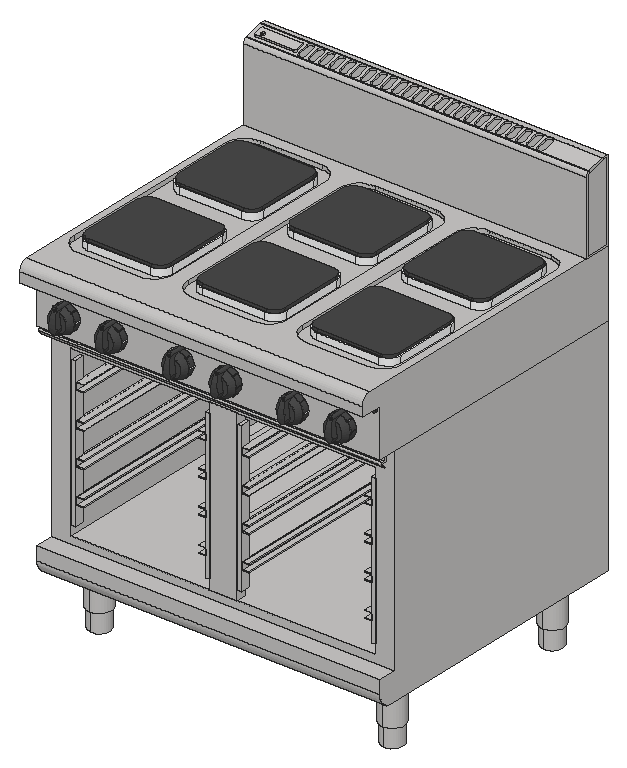
Revit family "QF_Moffat_RN8600SE-CB_Electric_Cooktops_Sealed_Hobs_cat", category Specialty Equipment, Revit 2019 (continued)
Definition of nested family "High and Low Option"
  Forms (mm)
    Extrusion 3, solid, visible <- "High Back"
      sketch origin (0, 0, 0) x (0, 1, 0) y (0, 0, 1)
        loop
          line (-3.2, 1126.8) -> (-14.143, 1126.8) -> (-60.278, 1114.438)
          arc (-60.278, 1114.438) -> (-64.982, 1111.295) -> (-66.8, 1105.938) r 8.8
          line (-66.8, 1105.938) -> (-66.8, 918.2) -> (-3.2, 918.2) -> (-3.2, 1126.8)
      from 0 to 3.2
    Extrusion 4, solid, visible <- "High Back"
      sketch origin (900, 0, 0) x (0, 1, 0) y (0, 0, -1)
        loop
          line (-3.2, -1126.8) -> (-3.2, -918.2) -> (-66.8, -918.2) -> (-66.8, -1105.938)
          arc (-66.8, -1105.938) -> (-64.982, -1111.295) -> (-60.278, -1114.438) r 8.8
          line (-60.278, -1114.438) -> (-14.143, -1126.8) -> (-3.2, -1126.8)
      from 0 to 3.2
    Extrusion 5, solid, visible <- "High Back"
      sketch origin (0, -15, 1130) x (0, -0.965926, -0.258819) y (1, 0, 0)
        loop
          line (47.732, 900) -> (0, 900) -> (0, 0) -> (47.732, 0) -> (47.732, 900)
        loop
          arc (11.379, 149.307) -> (1.379, 139.307) -> (11.379, 129.307) r 10
          line (11.379, 129.307) -> (36.495, 129.307)
          arc (36.495, 129.307) -> (46.495, 139.307) -> (36.495, 149.307) r 10
          line (36.495, 149.307) -> (11.379, 149.307)
        loop
          arc (11.379, 176.588) -> (1.379, 166.588) -> (11.379, 156.588) r 10
          line (11.379, 156.588) -> (36.495, 156.588)
          arc (36.495, 156.588) -> (46.495, 166.588) -> (36.495, 176.588) r 10
          line (36.495, 176.588) -> (11.379, 176.588)
        loop
          arc (11.379, 203.868) -> (1.379, 193.868) -> (11.379, 183.868) r 10
          line (11.379, 183.868) -> (36.495, 183.868)
          arc (36.495, 183.868) -> (46.495, 193.868) -> (36.495, 203.868) r 10
          line (36.495, 203.868) -> (11.379, 203.868)
        loop
          arc (11.379, 231.148) -> (1.379, 221.148) -> (11.379, 211.148) r 10
          line (11.379, 211.148) -> (36.495, 211.148)
          arc (36.495, 211.148) -> (46.495, 221.148) -> (36.495, 231.148) r 10
          line (36.495, 231.148) -> (11.379, 231.148)
        loop
          arc (11.379, 258.428) -> (1.379, 248.428) -> (11.379, 238.428) r 10
          line (11.379, 238.428) -> (36.495, 238.428)
          arc (36.495, 238.428) -> (46.495, 248.428) -> (36.495, 258.428) r 10
          line (36.495, 258.428) -> (11.379, 258.428)
        loop
          arc (11.379, 285.709) -> (1.379, 275.709) -> (11.379, 265.709) r 10
          line (11.379, 265.709) -> (36.495, 265.709)
          arc (36.495, 265.709) -> (46.495, 275.709) -> (36.495, 285.709) r 10
          line (36.495, 285.709) -> (11.379, 285.709)
        loop
          arc (11.379, 312.989) -> (1.379, 302.989) -> (11.379, 292.989) r 10
          line (11.379, 292.989) -> (36.495, 292.989)
          arc (36.495, 292.989) -> (46.495, 302.989) -> (36.495, 312.989) r 10
          line (36.495, 312.989) -> (11.379, 312.989)
        loop
          arc (11.379, 340.269) -> (1.379, 330.269) -> (11.379, 320.269) r 10
          line (11.379, 320.269) -> (36.495, 320.269)
          arc (36.495, 320.269) -> (46.495, 330.269) -> (36.495, 340.269) r 10
          line (36.495, 340.269) -> (11.379, 340.269)
        loop
          arc (11.379, 367.549) -> (1.379, 357.549) -> (11.379, 347.549) r 10
          line (11.379, 347.549) -> (36.495, 347.549)
          arc (36.495, 347.549) -> (46.495, 357.549) -> (36.495, 367.549) r 10
          line (36.495, 367.549) -> (11.379, 367.549)
        loop
          arc (11.379, 394.829) -> (1.379, 384.829) -> (11.379, 374.829) r 10
          line (11.379, 374.829) -> (36.495, 374.829)
          arc (36.495, 374.829) -> (46.495, 384.829) -> (36.495, 394.829) r 10
          line (36.495, 394.829) -> (11.379, 394.829)
        loop
          arc (11.379, 422.11) -> (1.379, 412.11) -> (11.379, 402.11) r 10
          line (11.379, 402.11) -> (36.495, 402.11)
          arc (36.495, 402.11) -> (46.495, 412.11) -> (36.495, 422.11) r 10
          line (36.495, 422.11) -> (11.379, 422.11)
        loop
          arc (11.379, 449.39) -> (1.379, 439.39) -> (11.379, 429.39) r 10
          line (11.379, 429.39) -> (36.495, 429.39)
          arc (36.495, 429.39) -> (46.495, 439.39) -> (36.495, 449.39) r 10
          line (36.495, 449.39) -> (11.379, 449.39)
        loop
          arc (11.379, 476.67) -> (1.379, 466.67) -> (11.379, 456.67) r 10
          line (11.379, 456.67) -> (36.495, 456.67)
          arc (36.495, 456.67) -> (46.495, 466.67) -> (36.495, 476.67) r 10
          line (36.495, 476.67) -> (11.379, 476.67)
        loop
          arc (11.379, 503.95) -> (1.379, 493.95) -> (11.379, 483.95) r 10
          line (11.379, 483.95) -> (36.495, 483.95)
          arc (36.495, 483.95) -> (46.495, 493.95) -> (36.495, 503.95) r 10
          line (36.495, 503.95) -> (11.379, 503.95)
        loop
          arc (11.379, 531.23) -> (1.379, 521.23) -> (11.379, 511.23) r 10
          line (11.379, 511.23) -> (36.495, 511.23)
          arc (36.495, 511.23) -> (46.495, 521.23) -> (36.495, 531.23) r 10
          line (36.495, 531.23) -> (11.379, 531.23)
        loop
          arc (11.379, 558.511) -> (1.379, 548.511) -> (11.379, 538.511) r 10
          line (11.379, 538.511) -> (36.495, 538.511)
          arc (36.495, 538.511) -> (46.495, 548.511) -> (36.495, 558.511) r 10
          line (36.495, 558.511) -> (11.379, 558.511)
        loop
          arc (11.379, 585.791) -> (1.379, 575.791) -> (11.379, 565.791) r 10
          line (11.379, 565.791) -> (36.495, 565.791)
          arc (36.495, 565.791) -> (46.495, 575.791) -> (36.495, 585.791) r 10
          line (36.495, 585.791) -> (11.379, 585.791)
        loop
          arc (11.379, 613.071) -> (1.379, 603.071) -> (11.379, 593.071) r 10
          line (11.379, 593.071) -> (36.495, 593.071)
          arc (36.495, 593.071) -> (46.495, 603.071) -> (36.495, 613.071) r 10
          line (36.495, 613.071) -> (11.379, 613.071)
        loop
          arc (11.379, 640.351) -> (1.379, 630.351) -> (11.379, 620.351) r 10
          line (11.379, 620.351) -> (36.495, 620.351)
          arc (36.495, 620.351) -> (46.495, 630.351) -> (36.495, 640.351) r 10
          line (36.495, 640.351) -> (11.379, 640.351)
        loop
          arc (11.379, 667.632) -> (1.379, 657.632) -> (11.379, 647.632) r 10
          line (11.379, 647.632) -> (36.495, 647.632)
          arc (36.495, 647.632) -> (46.495, 657.632) -> (36.495, 667.632) r 10
          line (36.495, 667.632) -> (11.379, 667.632)
        loop
          arc (11.379, 694.912) -> (1.379, 684.912) -> (11.379, 674.912) r 10
          line (11.379, 674.912) -> (36.495, 674.912)
          arc (36.495, 674.912) -> (46.495, 684.912) -> (36.495, 694.912) r 10
          line (36.495, 694.912) -> (11.379, 694.912)
        loop
          arc (11.379, 722.192) -> (1.379, 712.192) -> (11.379, 702.192) r 10
          line (11.379, 702.192) -> (36.495, 702.192)
          arc (36.495, 702.192) -> (46.495, 712.192) -> (36.495, 722.192) r 10
          line (36.495, 722.192) -> (11.379, 722.192)
        loop
          arc (11.379, 749.472) -> (1.379, 739.472) -> (11.379, 729.472) r 10
          line (11.379, 729.472) -> (36.495, 729.472)
          arc (36.495, 729.472) -> (46.495, 739.472) -> (36.495, 749.472) r 10
          line (36.495, 749.472) -> (11.379, 749.472)
        loop
          arc (11.379, 776.752) -> (1.379, 766.752) -> (11.379, 756.752) r 10
          line (11.379, 756.752) -> (36.495, 756.752)
          arc (36.495, 756.752) -> (46.495, 766.752) -> (36.495, 776.752) r 10
          line (36.495, 776.752) -> (11.379, 776.752)
      from 0 to -3.313
    Extrusion 6, solid, visible <- "Low Back", not visible
      sketch origin (0, 0, 600) x (0, 1, 0) y (0, 0, 1)
        loop
          line (-70, 315) -> (0, 315) -> (0, 370) -> (-55, 370) -> (-70, 355) -> (-70, 315)
      from 0 to 900
    Extrusion 7, solid, visible <- "High Back", not visible
      sketch origin (0, 0, 0) x (0, 1, 0) y (0, 0, 1)
        loop
          line (-70, 915) -> (0, 915) -> (0, 1130) -> (-15, 1130) -> (-14.143, 1126.8) -> (-3.2, 1126.8) -> (-3.2, 918.2) -> (-66.8, 918.2) -> (-66.8, 1105.938)
          arc (-66.8, 1105.938) -> (-64.972, 1111.307) -> (-60.248, 1114.446) r 8.8
          line (-60.248, 1114.446) -> (-61.106, 1117.646)
          arc (-61.106, 1117.646) -> (-67.52, 1113.36) -> (-70, 1106.055) r 12
          line (-70, 1106.055) -> (-70, 915)
      from 0 to 900
    Extrusion 8, solid, visible <- "High Back", not visible
      sketch origin (0, 0, 0) x (0, 1, 0) y (0, 0, 1)
        loop
          line (-3.2, 1126.8) -> (-14.143, 1126.8) -> (-60.278, 1114.438)
          arc (-60.278, 1114.438) -> (-64.982, 1111.295) -> (-66.8, 1105.938) r 8.8
          line (-66.8, 1105.938) -> (-66.8, 918.2) -> (-3.2, 918.2) -> (-3.2, 1126.8)
      from 0 to 3.2
    Extrusion 9, solid, visible <- "High Back", not visible
      sketch origin (900, 0, 0) x (0, 1, 0) y (0, 0, -1)
        loop
          line (-3.2, -1126.8) -> (-3.2, -918.2) -> (-66.8, -918.2) -> (-66.8, -1105.938)
          arc (-66.8, -1105.938) -> (-64.982, -1111.295) -> (-60.278, -1114.438) r 8.8
          line (-60.278, -1114.438) -> (-14.143, -1126.8) -> (-3.2, -1126.8)
      from 0 to 3.2
    Extrusion 10, solid, visible <- "High Back", not visible
      sketch origin (0, -15, 1130) x (0, -0.965926, -0.258819) y (1, 0, 0)
        loop
          line (47.732, 900) -> (0, 900) -> (0, 0) -> (47.732, 0) -> (47.732, 900)
        loop
          arc (11.379, 149.307) -> (1.379, 139.307) -> (11.379, 129.307) r 10
          line (11.379, 129.307) -> (36.495, 129.307)
          arc (36.495, 129.307) -> (46.495, 139.307) -> (36.495, 149.307) r 10
          line (36.495, 149.307) -> (11.379, 149.307)
        loop
          arc (11.379, 176.588) -> (1.379, 166.588) -> (11.379, 156.588) r 10
          line (11.379, 156.588) -> (36.495, 156.588)
          arc (36.495, 156.588) -> (46.495, 166.588) -> (36.495, 176.588) r 10
          line (36.495, 176.588) -> (11.379, 176.588)
        loop
          arc (11.379, 203.868) -> (1.379, 193.868) -> (11.379, 183.868) r 10
          line (11.379, 183.868) -> (36.495, 183.868)
          arc (36.495, 183.868) -> (46.495, 193.868) -> (36.495, 203.868) r 10
          line (36.495, 203.868) -> (11.379, 203.868)
        loop
          arc (11.379, 231.148) -> (1.379, 221.148) -> (11.379, 211.148) r 10
          line (11.379, 211.148) -> (36.495, 211.148)
          arc (36.495, 211.148) -> (46.495, 221.148) -> (36.495, 231.148) r 10
          line (36.495, 231.148) -> (11.379, 231.148)
        loop
          arc (11.379, 258.428) -> (1.379, 248.428) -> (11.379, 238.428) r 10
          line (11.379, 238.428) -> (36.495, 238.428)
          arc (36.495, 238.428) -> (46.495, 248.428) -> (36.495, 258.428) r 10
          line (36.495, 258.428) -> (11.379, 258.428)
        loop
          arc (11.379, 285.709) -> (1.379, 275.709) -> (11.379, 265.709) r 10
          line (11.379, 265.709) -> (36.495, 265.709)
          arc (36.495, 265.709) -> (46.495, 275.709) -> (36.495, 285.709) r 10
          line (36.495, 285.709) -> (11.379, 285.709)
        loop
          arc (11.379, 312.989) -> (1.379, 302.989) -> (11.379, 292.989) r 10
          line (11.379, 292.989) -> (36.495, 292.989)
          arc (36.495, 292.989) -> (46.495, 302.989) -> (36.495, 312.989) r 10
          line (36.495, 312.989) -> (11.379, 312.989)
        loop
          arc (11.379, 340.269) -> (1.379, 330.269) -> (11.379, 320.269) r 10
          line (11.379, 320.269) -> (36.495, 320.269)
          arc (36.495, 320.269) -> (46.495, 330.269) -> (36.495, 340.269) r 10
          line (36.495, 340.269) -> (11.379, 340.269)
        loop
          arc (11.379, 367.549) -> (1.379, 357.549) -> (11.379, 347.549) r 10
          line (11.379, 347.549) -> (36.495, 347.549)
          arc (36.495, 347.549) -> (46.495, 357.549) -> (36.495, 367.549) r 10
          line (36.495, 367.549) -> (11.379, 367.549)
        loop
          arc (11.379, 394.829) -> (1.379, 384.829) -> (11.379, 374.829) r 10
          line (11.379, 374.829) -> (36.495, 374.829)
          arc (36.495, 374.829) -> (46.495, 384.829) -> (36.495, 394.829) r 10
          line (36.495, 394.829) -> (11.379, 394.829)
        loop
          arc (11.379, 422.11) -> (1.379, 412.11) -> (11.379, 402.11) r 10
          line (11.379, 402.11) -> (36.495, 402.11)
          arc (36.495, 402.11) -> (46.495, 412.11) -> (36.495, 422.11) r 10
          line (36.495, 422.11) -> (11.379, 422.11)
        loop
          arc (11.379, 449.39) -> (1.379, 439.39) -> (11.379, 429.39) r 10
          line (11.379, 429.39) -> (36.495, 429.39)
          arc (36.495, 429.39) -> (46.495, 439.39) -> (36.495, 449.39) r 10
          line (36.495, 449.39) -> (11.379, 449.39)
        loop
          arc (11.379, 476.67) -> (1.379, 466.67) -> (11.379, 456.67) r 10
          line (11.379, 456.67) -> (36.495, 456.67)
          arc (36.495, 456.67) -> (46.495, 466.67) -> (36.495, 476.67) r 10
          line (36.495, 476.67) -> (11.379, 476.67)
        loop
          arc (11.379, 503.95) -> (1.379, 493.95) -> (11.379, 483.95) r 10
          line (11.379, 483.95) -> (36.495, 483.95)
          arc (36.495, 483.95) -> (46.495, 493.95) -> (36.495, 503.95) r 10
          line (36.495, 503.95) -> (11.379, 503.95)
        loop
          arc (11.379, 531.23) -> (1.379, 521.23) -> (11.379, 511.23) r 10
          line (11.379, 511.23) -> (36.495, 511.23)
          arc (36.495, 511.23) -> (46.495, 521.23) -> (36.495, 531.23) r 10
          line (36.495, 531.23) -> (11.379, 531.23)
        loop
          arc (11.379, 558.511) -> (1.379, 548.511) -> (11.379, 538.511) r 10
          line (11.379, 538.511) -> (36.495, 538.511)
          arc (36.495, 538.511) -> (46.495, 548.511) -> (36.495, 558.511) r 10
          line (36.495, 558.511) -> (11.379, 558.511)
        loop
          arc (11.379, 585.791) -> (1.379, 575.791) -> (11.379, 565.791) r 10
          line (11.379, 565.791) -> (36.495, 565.791)
          arc (36.495, 565.791) -> (46.495, 575.791) -> (36.495, 585.791) r 10
          line (36.495, 585.791) -> (11.379, 585.791)
        loop
          arc (11.379, 613.071) -> (1.379, 603.071) -> (11.379, 593.071) r 10
          line (11.379, 593.071) -> (36.495, 593.071)
          arc (36.495, 593.071) -> (46.495, 603.071) -> (36.495, 613.071) r 10
          line (36.495, 613.071) -> (11.379, 613.071)
        loop
          arc (11.379, 640.351) -> (1.379, 630.351) -> (11.379, 620.351) r 10
          line (11.379, 620.351) -> (36.495, 620.351)
          arc (36.495, 620.351) -> (46.495, 630.351) -> (36.495, 640.351) r 10
          line (36.495, 640.351) -> (11.379, 640.351)
        loop
          arc (11.379, 667.632) -> (1.379, 657.632) -> (11.379, 647.632) r 10
          line (11.379, 647.632) -> (36.495, 647.632)
          arc (36.495, 647.632) -> (46.495, 657.632) -> (36.495, 667.632) r 10
          line (36.495, 667.632) -> (11.379, 667.632)
        loop
          arc (11.379, 694.912) -> (1.379, 684.912) -> (11.379, 674.912) r 10
          line (11.379, 674.912) -> (36.495, 674.912)
          arc (36.495, 674.912) -> (46.495, 684.912) -> (36.495, 694.912) r 10
          line (36.495, 694.912) -> (11.379, 694.912)
        loop
          arc (11.379, 722.192) -> (1.379, 712.192) -> (11.379, 702.192) r 10
          line (11.379, 702.192) -> (36.495, 702.192)
          arc (36.495, 702.192) -> (46.495, 712.192) -> (36.495, 722.192) r 10
          line (36.495, 722.192) -> (11.379, 722.192)
        loop
          arc (11.379, 749.472) -> (1.379, 739.472) -> (11.379, 729.472) r 10
          line (11.379, 729.472) -> (36.495, 729.472)
          arc (36.495, 729.472) -> (46.495, 739.472) -> (36.495, 749.472) r 10
          line (36.495, 749.472) -> (11.379, 749.472)
        loop
          arc (11.379, 776.752) -> (1.379, 766.752) -> (11.379, 756.752) r 10
          line (11.379, 756.752) -> (36.495, 756.752)
          arc (36.495, 756.752) -> (46.495, 766.752) -> (36.495, 776.752) r 10
          line (36.495, 776.752) -> (11.379, 776.752)
      from 0 to -3.313
  Lines and regions (mm)
    symbolic lines
      curve 1: line (0, -71.587, 946.25) -> (0, -71.587, 923.25)
      curve 2: line (0, 0, 0) -> (900, 0, 0)
      curve 3: line (0, -70, 0) -> (0, 0, 0)
      curve 4: line (900, -70, 0) -> (0, -70, 0)
      curve 5: line (900, 0, 0) -> (900, -70, 0)
      curve 202: line (0, 0, 0) -> (900, 0, 0)
      curve 203: line (0, -70, 0) -> (0, 0, 0)
      curve 204: line (900, -70, 0) -> (0, -70, 0)
      curve 205: line (900, 0, 0) -> (900, -70, 0)
    symbolic lines, visible <- "High Back"
      curve 6: line (129.307, -50.251, 0) -> (129.307, -25.991, 0)
      curve 7: spline (129.307, -25.991, 0) -> (129.648, -23.491, 0) -> (130.647, -21.162, 0) -> (132.236, -19.161, 0) -> (134.307, -17.626, 0) -> (136.719, -16.661, 0) -> (139.307, -16.332, 0) -> (141.896, -16.661, 0) -> (144.307, -17.626, 0) -> (146.379, -19.161, 0) -> (147.968, -21.162, 0) -> (148.967, -23.491, 0) -> (149.307, -25.991, 0)
      curve 8: line (149.307, -25.991, 0) -> (149.307, -50.251, 0)
      curve 9: spline (149.307, -50.251, 0) -> (148.967, -52.751, 0) -> (147.968, -55.081, 0) -> (146.379, -57.081, 0) -> (144.307, -58.616, 0) -> (141.896, -59.581, 0) -> (139.307, -59.91, 0) -> (136.719, -59.581, 0) -> (134.307, -58.616, 0) -> (132.236, -57.081, 0) -> (130.647, -55.081, 0) -> (129.648, -52.751, 0) -> (129.307, -50.251, 0)
      curve 10: line (156.588, -50.251, 0) -> (156.588, -25.991, 0)
      curve 11: spline (156.588, -25.991, 0) -> (156.928, -23.491, 0) -> (157.927, -21.162, 0) -> (159.517, -19.161, 0) -> (161.588, -17.626, 0) -> (164, -16.661, 0) -> (166.588, -16.332, 0) -> (169.176, -16.661, 0) -> (171.588, -17.626, 0) -> (173.659, -19.161, 0) -> (175.248, -21.162, 0) -> (176.247, -23.491, 0) -> (176.588, -25.991, 0)
      curve 12: line (176.588, -25.991, 0) -> (176.588, -50.251, 0)
      curve 13: spline (176.588, -50.251, 0) -> (176.247, -52.751, 0) -> (175.248, -55.081, 0) -> (173.659, -57.081, 0) -> (171.588, -58.616, 0) -> (169.176, -59.581, 0) -> (166.588, -59.91, 0) -> (164, -59.581, 0) -> (161.588, -58.616, 0) -> (159.517, -57.081, 0) -> (157.927, -55.081, 0) -> (156.928, -52.751, 0) -> (156.588, -50.251, 0)
      curve 14: line (183.868, -50.251, 0) -> (183.868, -25.991, 0)
      curve 15: spline (183.868, -25.991, 0) -> (184.209, -23.491, 0) -> (185.208, -21.162, 0) -> (186.797, -19.161, 0) -> (188.868, -17.626, 0) -> (191.28, -16.661, 0) -> (193.868, -16.332, 0) -> (196.456, -16.661, 0) -> (198.868, -17.626, 0) -> (200.939, -19.161, 0) -> (202.528, -21.162, 0) -> (203.527, -23.491, 0) -> (203.868, -25.991, 0)
      curve 16: line (203.868, -25.991, 0) -> (203.868, -50.251, 0)
      curve 17: spline (203.868, -50.251, 0) -> (203.527, -52.751, 0) -> (202.528, -55.081, 0) -> (200.939, -57.081, 0) -> (198.868, -58.616, 0) -> (196.456, -59.581, 0) -> (193.868, -59.91, 0) -> (191.28, -59.581, 0) -> (188.868, -58.616, 0) -> (186.797, -57.081, 0) -> (185.208, -55.081, 0) -> (184.209, -52.751, 0) -> (183.868, -50.251, 0)
      curve 18: line (211.148, -50.251, 0) -> (211.148, -25.991, 0)
      curve 19: spline (211.148, -25.991, 0) -> (211.489, -23.491, 0) -> (212.488, -21.162, 0) -> (214.077, -19.161, 0) -> (216.148, -17.626, 0) -> (218.56, -16.661, 0) -> (221.148, -16.332, 0) -> (223.736, -16.661, 0) -> (226.148, -17.626, 0) -> (228.219, -19.161, 0) -> (229.808, -21.162, 0) -> (230.807, -23.491, 0) -> (231.148, -25.991, 0)
      curve 20: line (231.148, -25.991, 0) -> (231.148, -50.251, 0)
      curve 21: spline (231.148, -50.251, 0) -> (230.807, -52.751, 0) -> (229.808, -55.081, 0) -> (228.219, -57.081, 0) -> (226.148, -58.616, 0) -> (223.736, -59.581, 0) -> (221.148, -59.91, 0) -> (218.56, -59.581, 0) -> (216.148, -58.616, 0) -> (214.077, -57.081, 0) -> (212.488, -55.081, 0) -> (211.489, -52.751, 0) -> (211.148, -50.251, 0)
      curve 22: line (238.428, -50.251, 0) -> (238.428, -25.991, 0)
      curve 23: spline (238.428, -25.991, 0) -> (238.769, -23.491, 0) -> (239.768, -21.162, 0) -> (241.357, -19.161, 0) -> (243.428, -17.626, 0) -> (245.84, -16.661, 0) -> (248.428, -16.332, 0) -> (251.017, -16.661, 0) -> (253.428, -17.626, 0) -> (255.499, -19.161, 0) -> (257.089, -21.162, 0) -> (258.088, -23.491, 0) -> (258.428, -25.991, 0)
      curve 24: line (258.428, -25.991, 0) -> (258.428, -50.251, 0)
      curve 25: spline (258.428, -50.251, 0) -> (258.088, -52.751, 0) -> (257.089, -55.081, 0) -> (255.499, -57.081, 0) -> (253.428, -58.616, 0) -> (251.017, -59.581, 0) -> (248.428, -59.91, 0) -> (245.84, -59.581, 0) -> (243.428, -58.616, 0) -> (241.357, -57.081, 0) -> (239.768, -55.081, 0) -> (238.769, -52.751, 0) -> (238.428, -50.251, 0)
      curve 26: line (265.709, -50.251, 0) -> (265.709, -25.991, 0)
      curve 27: spline (265.709, -25.991, 0) -> (266.049, -23.491, 0) -> (267.048, -21.162, 0) -> (268.637, -19.161, 0) -> (270.709, -17.626, 0) -> (273.12, -16.661, 0) -> (275.709, -16.332, 0) -> (278.297, -16.661, 0) -> (280.709, -17.626, 0) -> (282.78, -19.161, 0) -> (284.369, -21.162, 0) -> (285.368, -23.491, 0) -> (285.709, -25.991, 0)
      curve 28: line (285.709, -25.991, 0) -> (285.709, -50.251, 0)
      curve 29: spline (285.709, -50.251, 0) -> (285.368, -52.751, 0) -> (284.369, -55.081, 0) -> (282.78, -57.081, 0) -> (280.709, -58.616, 0) -> (278.297, -59.581, 0) -> (275.709, -59.91, 0) -> (273.12, -59.581, 0) -> (270.709, -58.616, 0) -> (268.637, -57.081, 0) -> (267.048, -55.081, 0) -> (266.049, -52.751, 0) -> (265.709, -50.251, 0)
      curve 30: line (292.989, -50.251, 0) -> (292.989, -25.991, 0)
      curve 31: spline (292.989, -25.991, 0) -> (293.329, -23.491, 0) -> (294.329, -21.162, 0) -> (295.918, -19.161, 0) -> (297.989, -17.626, 0) -> (300.401, -16.661, 0) -> (302.989, -16.332, 0) -> (305.577, -16.661, 0) -> (307.989, -17.626, 0) -> (310.06, -19.161, 0) -> (311.649, -21.162, 0) -> (312.648, -23.491, 0) -> (312.989, -25.991, 0)
      curve 32: line (312.989, -25.991, 0) -> (312.989, -50.251, 0)
      curve 33: spline (312.989, -50.251, 0) -> (312.648, -52.751, 0) -> (311.649, -55.081, 0) -> (310.06, -57.081, 0) -> (307.989, -58.616, 0) -> (305.577, -59.581, 0) -> (302.989, -59.91, 0) -> (300.401, -59.581, 0) -> (297.989, -58.616, 0) -> (295.918, -57.081, 0) -> (294.329, -55.081, 0) -> (293.329, -52.751, 0) -> (292.989, -50.251, 0)
      curve 34: line (320.269, -50.251, 0) -> (320.269, -25.991, 0)
      curve 35: spline (320.269, -25.991, 0) -> (320.61, -23.491, 0) -> (321.609, -21.162, 0) -> (323.198, -19.161, 0) -> (325.269, -17.626, 0) -> (327.681, -16.661, 0) -> (330.269, -16.332, 0) -> (332.857, -16.661, 0) -> (335.269, -17.626, 0) -> (337.34, -19.161, 0) -> (338.929, -21.162, 0) -> (339.928, -23.491, 0) -> (340.269, -25.991, 0)
      curve 36: line (340.269, -25.991, 0) -> (340.269, -50.251, 0)
      curve 37: spline (340.269, -50.251, 0) -> (339.928, -52.751, 0) -> (338.929, -55.081, 0) -> (337.34, -57.081, 0) -> (335.269, -58.616, 0) -> (332.857, -59.581, 0) -> (330.269, -59.91, 0) -> (327.681, -59.581, 0) -> (325.269, -58.616, 0) -> (323.198, -57.081, 0) -> (321.609, -55.081, 0) -> (320.61, -52.751, 0) -> (320.269, -50.251, 0)
      curve 38: line (347.549, -50.251, 0) -> (347.549, -25.991, 0)
      curve 39: spline (347.549, -25.991, 0) -> (347.89, -23.491, 0) -> (348.889, -21.162, 0) -> (350.478, -19.161, 0) -> (352.549, -17.626, 0) -> (354.961, -16.661, 0) -> (357.549, -16.332, 0) -> (360.137, -16.661, 0) -> (362.549, -17.626, 0) -> (364.62, -19.161, 0) -> (366.209, -21.162, 0) -> (367.208, -23.491, 0) -> (367.549, -25.991, 0)
      curve 40: line (367.549, -25.991, 0) -> (367.549, -50.251, 0)
      curve 41: spline (367.549, -50.251, 0) -> (367.208, -52.751, 0) -> (366.209, -55.081, 0) -> (364.62, -57.081, 0) -> (362.549, -58.616, 0) -> (360.137, -59.581, 0) -> (357.549, -59.91, 0) -> (354.961, -59.581, 0) -> (352.549, -58.616, 0) -> (350.478, -57.081, 0) -> (348.889, -55.081, 0) -> (347.89, -52.751, 0) -> (347.549, -50.251, 0)
      curve 42: line (374.829, -50.251, 0) -> (374.829, -25.991, 0)
      curve 43: spline (374.829, -25.991, 0) -> (375.17, -23.491, 0) -> (376.169, -21.162, 0) -> (377.758, -19.161, 0) -> (379.829, -17.626, 0) -> (382.241, -16.661, 0) -> (384.829, -16.332, 0) -> (387.418, -16.661, 0) -> (389.829, -17.626, 0) -> (391.9, -19.161, 0) -> (393.49, -21.162, 0) -> (394.489, -23.491, 0) -> (394.829, -25.991, 0)
      curve 44: line (394.829, -25.991, 0) -> (394.829, -50.251, 0)
      curve 45: spline (394.829, -50.251, 0) -> (394.489, -52.751, 0) -> (393.49, -55.081, 0) -> (391.9, -57.081, 0) -> (389.829, -58.616, 0) -> (387.418, -59.581, 0) -> (384.829, -59.91, 0) -> (382.241, -59.581, 0) -> (379.829, -58.616, 0) -> (377.758, -57.081, 0) -> (376.169, -55.081, 0) -> (375.17, -52.751, 0) -> (374.829, -50.251, 0)
      curve 46: line (402.11, -50.251, 0) -> (402.11, -25.991, 0)
      curve 47: spline (402.11, -25.991, 0) -> (402.45, -23.491, 0) -> (403.449, -21.162, 0) -> (405.039, -19.161, 0) -> (407.11, -17.626, 0) -> (409.521, -16.661, 0) -> (412.11, -16.332, 0) -> (414.698, -16.661, 0) -> (417.11, -17.626, 0) -> (419.181, -19.161, 0) -> (420.77, -21.162, 0) -> (421.769, -23.491, 0) -> (422.11, -25.991, 0)
      curve 48: line (422.11, -25.991, 0) -> (422.11, -50.251, 0)
      curve 49: spline (422.11, -50.251, 0) -> (421.769, -52.751, 0) -> (420.77, -55.081, 0) -> (419.181, -57.081, 0) -> (417.11, -58.616, 0) -> (414.698, -59.581, 0) -> (412.11, -59.91, 0) -> (409.521, -59.581, 0) -> (407.11, -58.616, 0) -> (405.039, -57.081, 0) -> (403.449, -55.081, 0) -> (402.45, -52.751, 0) -> (402.11, -50.251, 0)
      curve 50: line (429.39, -50.251, 0) -> (429.39, -25.991, 0)
      curve 51: spline (429.39, -25.991, 0) -> (429.731, -23.491, 0) -> (430.73, -21.162, 0) -> (432.319, -19.161, 0) -> (434.39, -17.626, 0) -> (436.802, -16.661, 0) -> (439.39, -16.332, 0) -> (441.978, -16.661, 0) -> (444.39, -17.626, 0) -> (446.461, -19.161, 0) -> (448.05, -21.162, 0) -> (449.049, -23.491, 0) -> (449.39, -25.991, 0)
      curve 52: line (449.39, -25.991, 0) -> (449.39, -50.251, 0)
      curve 53: spline (449.39, -50.251, 0) -> (449.049, -52.751, 0) -> (448.05, -55.081, 0) -> (446.461, -57.081, 0) -> (444.39, -58.616, 0) -> (441.978, -59.581, 0) -> (439.39, -59.91, 0) -> (436.802, -59.581, 0) -> (434.39, -58.616, 0) -> (432.319, -57.081, 0) -> (430.73, -55.081, 0) -> (429.731, -52.751, 0) -> (429.39, -50.251, 0)
      curve 54: line (456.67, -50.251, 0) -> (456.67, -25.991, 0)
      curve 55: spline (456.67, -25.991, 0) -> (457.011, -23.491, 0) -> (458.01, -21.162, 0) -> (459.599, -19.161, 0) -> (461.67, -17.626, 0) -> (464.082, -16.661, 0) -> (466.67, -16.332, 0) -> (469.258, -16.661, 0) -> (471.67, -17.626, 0) -> (473.741, -19.161, 0) -> (475.33, -21.162, 0) -> (476.329, -23.491, 0) -> (476.67, -25.991, 0)
      curve 56: line (476.67, -25.991, 0) -> (476.67, -50.251, 0)
      curve 57: spline (476.67, -50.251, 0) -> (476.329, -52.751, 0) -> (475.33, -55.081, 0) -> (473.741, -57.081, 0) -> (471.67, -58.616, 0) -> (469.258, -59.581, 0) -> (466.67, -59.91, 0) -> (464.082, -59.581, 0) -> (461.67, -58.616, 0) -> (459.599, -57.081, 0) -> (458.01, -55.081, 0) -> (457.011, -52.751, 0) -> (456.67, -50.251, 0)
      curve 58: line (483.95, -50.251, 0) -> (483.95, -25.991, 0)
      curve 59: spline (483.95, -25.991, 0) -> (484.291, -23.491, 0) -> (485.29, -21.162, 0) -> (486.879, -19.161, 0) -> (488.95, -17.626, 0) -> (491.362, -16.661, 0) -> (493.95, -16.332, 0) -> (496.538, -16.661, 0) -> (498.95, -17.626, 0) -> (501.021, -19.161, 0) -> (502.61, -21.162, 0) -> (503.609, -23.491, 0) -> (503.95, -25.991, 0)
      curve 60: line (503.95, -25.991, 0) -> (503.95, -50.251, 0)
      curve 61: spline (503.95, -50.251, 0) -> (503.609, -52.751, 0) -> (502.61, -55.081, 0) -> (501.021, -57.081, 0) -> (498.95, -58.616, 0) -> (496.538, -59.581, 0) -> (493.95, -59.91, 0) -> (491.362, -59.581, 0) -> (488.95, -58.616, 0) -> (486.879, -57.081, 0) -> (485.29, -55.081, 0) -> (484.291, -52.751, 0) -> (483.95, -50.251, 0)
      curve 62: line (511.23, -50.251, 0) -> (511.23, -25.991, 0)
      curve 63: spline (511.23, -25.991, 0) -> (511.571, -23.491, 0) -> (512.57, -21.162, 0) -> (514.159, -19.161, 0) -> (516.23, -17.626, 0) -> (518.642, -16.661, 0) -> (521.23, -16.332, 0) -> (523.819, -16.661, 0) -> (526.23, -17.626, 0) -> (528.302, -19.161, 0) -> (529.891, -21.162, 0) -> (530.89, -23.491, 0) -> (531.23, -25.991, 0)
      curve 64: line (531.23, -25.991, 0) -> (531.23, -50.251, 0)
      curve 65: spline (531.23, -50.251, 0) -> (530.89, -52.751, 0) -> (529.891, -55.081, 0) -> (528.302, -57.081, 0) -> (526.23, -58.616, 0) -> (523.819, -59.581, 0) -> (521.23, -59.91, 0) -> (518.642, -59.581, 0) -> (516.23, -58.616, 0) -> (514.159, -57.081, 0) -> (512.57, -55.081, 0) -> (511.571, -52.751, 0) -> (511.23, -50.251, 0)
      curve 66: line (538.511, -50.251, 0) -> (538.511, -25.991, 0)
      curve 67: spline (538.511, -25.991, 0) -> (538.851, -23.491, 0) -> (539.85, -21.162, 0) -> (541.44, -19.161, 0) -> (543.511, -17.626, 0) -> (545.922, -16.661, 0) -> (548.511, -16.332, 0) -> (551.099, -16.661, 0) -> (553.511, -17.626, 0) -> (555.582, -19.161, 0) -> (557.171, -21.162, 0) -> (558.17, -23.491, 0) -> (558.511, -25.991, 0)
      curve 68: line (558.511, -25.991, 0) -> (558.511, -50.251, 0)
      curve 69: spline (558.511, -50.251, 0) -> (558.17, -52.751, 0) -> (557.171, -55.081, 0) -> (555.582, -57.081, 0) -> (553.511, -58.616, 0) -> (551.099, -59.581, 0) -> (548.511, -59.91, 0) -> (545.922, -59.581, 0) -> (543.511, -58.616, 0) -> (541.44, -57.081, 0) -> (539.85, -55.081, 0) -> (538.851, -52.751, 0) -> (538.511, -50.251, 0)
      curve 70: line (565.791, -50.251, 0) -> (565.791, -25.991, 0)
      curve 71: spline (565.791, -25.991, 0) -> (566.132, -23.491, 0) -> (567.131, -21.162, 0) -> (568.72, -19.161, 0) -> (570.791, -17.626, 0) -> (573.203, -16.661, 0) -> (575.791, -16.332, 0) -> (578.379, -16.661, 0) -> (580.791, -17.626, 0) -> (582.862, -19.161, 0) -> (584.451, -21.162, 0) -> (585.45, -23.491, 0) -> (585.791, -25.991, 0)
      curve 72: line (585.791, -25.991, 0) -> (585.791, -50.251, 0)
      curve 73: spline (585.791, -50.251, 0) -> (585.45, -52.751, 0) -> (584.451, -55.081, 0) -> (582.862, -57.081, 0) -> (580.791, -58.616, 0) -> (578.379, -59.581, 0) -> (575.791, -59.91, 0) -> (573.203, -59.581, 0) -> (570.791, -58.616, 0) -> (568.72, -57.081, 0) -> (567.131, -55.081, 0) -> (566.132, -52.751, 0) -> (565.791, -50.251, 0)
      curve 74: line (593.071, -50.251, 0) -> (593.071, -25.991, 0)
      curve 75: spline (593.071, -25.991, 0) -> (593.412, -23.491, 0) -> (594.411, -21.162, 0) -> (596, -19.161, 0) -> (598.071, -17.626, 0) -> (600.483, -16.661, 0) -> (603.071, -16.332, 0) -> (605.659, -16.661, 0) -> (608.071, -17.626, 0) -> (610.142, -19.161, 0) -> (611.731, -21.162, 0) -> (612.73, -23.491, 0) -> (613.071, -25.991, 0)
      curve 76: line (613.071, -25.991, 0) -> (613.071, -50.251, 0)
      curve 77: spline (613.071, -50.251, 0) -> (612.73, -52.751, 0) -> (611.731, -55.081, 0) -> (610.142, -57.081, 0) -> (608.071, -58.616, 0) -> (605.659, -59.581, 0) -> (603.071, -59.91, 0) -> (600.483, -59.581, 0) -> (598.071, -58.616, 0) -> (596, -57.081, 0) -> (594.411, -55.081, 0) -> (593.412, -52.751, 0) -> (593.071, -50.251, 0)
      curve 78: line (620.351, -50.251, 0) -> (620.351, -25.991, 0)
      curve 79: spline (620.351, -25.991, 0) -> (620.692, -23.491, 0) -> (621.691, -21.162, 0) -> (623.28, -19.161, 0) -> (625.351, -17.626, 0) -> (627.763, -16.661, 0) -> (630.351, -16.332, 0) -> (632.939, -16.661, 0) -> (635.351, -17.626, 0) -> (637.422, -19.161, 0) -> (639.012, -21.162, 0) -> (640.011, -23.491, 0) -> (640.351, -25.991, 0)
      curve 80: line (640.351, -25.991, 0) -> (640.351, -50.251, 0)
      curve 81: spline (640.351, -50.251, 0) -> (640.011, -52.751, 0) -> (639.012, -55.081, 0) -> (637.422, -57.081, 0) -> (635.351, -58.616, 0) -> (632.939, -59.581, 0) -> (630.351, -59.91, 0) -> (627.763, -59.581, 0) -> (625.351, -58.616, 0) -> (623.28, -57.081, 0) -> (621.691, -55.081, 0) -> (620.692, -52.751, 0) -> (620.351, -50.251, 0)
      curve 82: line (647.632, -50.251, 0) -> (647.632, -25.991, 0)
      curve 83: spline (647.632, -25.991, 0) -> (647.972, -23.491, 0) -> (648.971, -21.162, 0) -> (650.56, -19.161, 0) -> (652.632, -17.626, 0) -> (655.043, -16.661, 0) -> (657.632, -16.332, 0) -> (660.22, -16.661, 0) -> (662.632, -17.626, 0) -> (664.703, -19.161, 0) -> (666.292, -21.162, 0) -> (667.291, -23.491, 0) -> (667.632, -25.991, 0)
      curve 84: line (667.632, -25.991, 0) -> (667.632, -50.251, 0)
      curve 85: spline (667.632, -50.251, 0) -> (667.291, -52.751, 0) -> (666.292, -55.081, 0) -> (664.703, -57.081, 0) -> (662.632, -58.616, 0) -> (660.22, -59.581, 0) -> (657.632, -59.91, 0) -> (655.043, -59.581, 0) -> (652.632, -58.616, 0) -> (650.56, -57.081, 0) -> (648.971, -55.081, 0) -> (647.972, -52.751, 0) -> (647.632, -50.251, 0)
      curve 86: line (674.912, -50.251, 0) -> (674.912, -25.991, 0)
      curve 87: spline (674.912, -25.991, 0) -> (675.252, -23.491, 0) -> (676.251, -21.162, 0) -> (677.841, -19.161, 0) -> (679.912, -17.626, 0) -> (682.324, -16.661, 0) -> (684.912, -16.332, 0) -> (687.5, -16.661, 0) -> (689.912, -17.626, 0) -> (691.983, -19.161, 0) -> (693.572, -21.162, 0) -> (694.571, -23.491, 0) -> (694.912, -25.991, 0)
      curve 88: line (694.912, -25.991, 0) -> (694.912, -50.251, 0)
      curve 89: spline (694.912, -50.251, 0) -> (694.571, -52.751, 0) -> (693.572, -55.081, 0) -> (691.983, -57.081, 0) -> (689.912, -58.616, 0) -> (687.5, -59.581, 0) -> (684.912, -59.91, 0) -> (682.324, -59.581, 0) -> (679.912, -58.616, 0) -> (677.841, -57.081, 0) -> (676.251, -55.081, 0) -> (675.252, -52.751, 0) -> (674.912, -50.251, 0)
      curve 90: line (702.192, -50.251, 0) -> (702.192, -25.991, 0)
      curve 91: spline (702.192, -25.991, 0) -> (702.533, -23.491, 0) -> (703.532, -21.162, 0) -> (705.121, -19.161, 0) -> (707.192, -17.626, 0) -> (709.604, -16.661, 0) -> (712.192, -16.332, 0) -> (714.78, -16.661, 0) -> (717.192, -17.626, 0) -> (719.263, -19.161, 0) -> (720.852, -21.162, 0) -> (721.851, -23.491, 0) -> (722.192, -25.991, 0)
      curve 92: line (722.192, -25.991, 0) -> (722.192, -50.251, 0)
      curve 93: spline (722.192, -50.251, 0) -> (721.851, -52.751, 0) -> (720.852, -55.081, 0) -> (719.263, -57.081, 0) -> (717.192, -58.616, 0) -> (714.78, -59.581, 0) -> (712.192, -59.91, 0) -> (709.604, -59.581, 0) -> (707.192, -58.616, 0) -> (705.121, -57.081, 0) -> (703.532, -55.081, 0) -> (702.533, -52.751, 0) -> (702.192, -50.251, 0)
      curve 94: line (729.472, -50.251, 0) -> (729.472, -25.991, 0)
      curve 95: spline (729.472, -25.991, 0) -> (729.813, -23.491, 0) -> (730.812, -21.162, 0) -> (732.401, -19.161, 0) -> (734.472, -17.626, 0) -> (736.884, -16.661, 0) -> (739.472, -16.332, 0) -> (742.06, -16.661, 0) -> (744.472, -17.626, 0) -> (746.543, -19.161, 0) -> (748.132, -21.162, 0) -> (749.131, -23.491, 0) -> (749.472, -25.991, 0)
      curve 96: line (749.472, -25.991, 0) -> (749.472, -50.251, 0)
      curve 97: spline (749.472, -50.251, 0) -> (749.131, -52.751, 0) -> (748.132, -55.081, 0) -> (746.543, -57.081, 0) -> (744.472, -58.616, 0) -> (742.06, -59.581, 0) -> (739.472, -59.91, 0) -> (736.884, -59.581, 0) -> (734.472, -58.616, 0) -> (732.401, -57.081, 0) -> (730.812, -55.081, 0) -> (729.813, -52.751, 0) -> (729.472, -50.251, 0)
      curve 98: line (756.752, -50.251, 0) -> (756.752, -25.991, 0)
      curve 99: spline (756.752, -25.991, 0) -> (757.093, -23.491, 0) -> (758.092, -21.162, 0) -> (759.681, -19.161, 0) -> (761.752, -17.626, 0) -> (764.164, -16.661, 0) -> (766.752, -16.332, 0) -> (769.341, -16.661, 0) -> (771.752, -17.626, 0) -> (773.823, -19.161, 0) -> (775.413, -21.162, 0) -> (776.412, -23.491, 0) -> (776.752, -25.991, 0)
      curve 100: line (776.752, -25.991, 0) -> (776.752, -50.251, 0)
      curve 101: spline (776.752, -50.251, 0) -> (776.412, -52.751, 0) -> (775.413, -55.081, 0) -> (773.823, -57.081, 0) -> (771.752, -58.616, 0) -> (769.341, -59.581, 0) -> (766.752, -59.91, 0) -> (764.164, -59.581, 0) -> (761.752, -58.616, 0) -> (759.681, -57.081, 0) -> (758.092, -55.081, 0) -> (757.093, -52.751, 0) -> (756.752, -50.251, 0)
    symbolic lines, not visible
      curve 102: line (0, 0, 0) -> (900, 0, 0)
      curve 103: line (0, -70, 0) -> (0, 0, 0)
      curve 104: line (900, -70, 0) -> (0, -70, 0)
      curve 105: line (900, 0, 0) -> (900, -70, 0)
      curve 206: line (0, 0, 0) -> (900, 0, 0)
      curve 207: line (0, -70, 0) -> (0, 0, 0)
      curve 208: line (900, -70, 0) -> (0, -70, 0)
      curve 209: line (900, 0, 0) -> (900, -70, 0)
    symbolic lines, visible <- "High Back", not visible
      curve 106: line (129.307, -50.251, 0) -> (129.307, -25.991, 0)
      curve 107: spline (129.307, -25.991, 0) -> (129.648, -23.491, 0) -> (130.647, -21.162, 0) -> (132.236, -19.161, 0) -> (134.307, -17.626, 0) -> (136.719, -16.661, 0) -> (139.307, -16.332, 0) -> (141.896, -16.661, 0) -> (144.307, -17.626, 0) -> (146.379, -19.161, 0) -> (147.968, -21.162, 0) -> (148.967, -23.491, 0) -> (149.307, -25.991, 0)
      curve 108: line (149.307, -25.991, 0) -> (149.307, -50.251, 0)
      curve 109: spline (149.307, -50.251, 0) -> (148.967, -52.751, 0) -> (147.968, -55.081, 0) -> (146.379, -57.081, 0) -> (144.307, -58.616, 0) -> (141.896, -59.581, 0) -> (139.307, -59.91, 0) -> (136.719, -59.581, 0) -> (134.307, -58.616, 0) -> (132.236, -57.081, 0) -> (130.647, -55.081, 0) -> (129.648, -52.751, 0) -> (129.307, -50.251, 0)
      curve 110: line (156.588, -50.251, 0) -> (156.588, -25.991, 0)
      curve 111: spline (156.588, -25.991, 0) -> (156.928, -23.491, 0) -> (157.927, -21.162, 0) -> (159.517, -19.161, 0) -> (161.588, -17.626, 0) -> (164, -16.661, 0) -> (166.588, -16.332, 0) -> (169.176, -16.661, 0) -> (171.588, -17.626, 0) -> (173.659, -19.161, 0) -> (175.248, -21.162, 0) -> (176.247, -23.491, 0) -> (176.588, -25.991, 0)
      curve 112: line (176.588, -25.991, 0) -> (176.588, -50.251, 0)
      curve 113: spline (176.588, -50.251, 0) -> (176.247, -52.751, 0) -> (175.248, -55.081, 0) -> (173.659, -57.081, 0) -> (171.588, -58.616, 0) -> (169.176, -59.581, 0) -> (166.588, -59.91, 0) -> (164, -59.581, 0) -> (161.588, -58.616, 0) -> (159.517, -57.081, 0) -> (157.927, -55.081, 0) -> (156.928, -52.751, 0) -> (156.588, -50.251, 0)
      curve 114: line (183.868, -50.251, 0) -> (183.868, -25.991, 0)
      curve 115: spline (183.868, -25.991, 0) -> (184.209, -23.491, 0) -> (185.208, -21.162, 0) -> (186.797, -19.161, 0) -> (188.868, -17.626, 0) -> (191.28, -16.661, 0) -> (193.868, -16.332, 0) -> (196.456, -16.661, 0) -> (198.868, -17.626, 0) -> (200.939, -19.161, 0) -> (202.528, -21.162, 0) -> (203.527, -23.491, 0) -> (203.868, -25.991, 0)
      curve 116: line (203.868, -25.991, 0) -> (203.868, -50.251, 0)
      curve 117: spline (203.868, -50.251, 0) -> (203.527, -52.751, 0) -> (202.528, -55.081, 0) -> (200.939, -57.081, 0) -> (198.868, -58.616, 0) -> (196.456, -59.581, 0) -> (193.868, -59.91, 0) -> (191.28, -59.581, 0) -> (188.868, -58.616, 0) -> (186.797, -57.081, 0) -> (185.208, -55.081, 0) -> (184.209, -52.751, 0) -> (183.868, -50.251, 0)
      curve 118: line (211.148, -50.251, 0) -> (211.148, -25.991, 0)
      curve 119: spline (211.148, -25.991, 0) -> (211.489, -23.491, 0) -> (212.488, -21.162, 0) -> (214.077, -19.161, 0) -> (216.148, -17.626, 0) -> (218.56, -16.661, 0) -> (221.148, -16.332, 0) -> (223.736, -16.661, 0) -> (226.148, -17.626, 0) -> (228.219, -19.161, 0) -> (229.808, -21.162, 0) -> (230.807, -23.491, 0) -> (231.148, -25.991, 0)
      curve 120: line (231.148, -25.991, 0) -> (231.148, -50.251, 0)
      curve 121: spline (231.148, -50.251, 0) -> (230.807, -52.751, 0) -> (229.808, -55.081, 0) -> (228.219, -57.081, 0) -> (226.148, -58.616, 0) -> (223.736, -59.581, 0) -> (221.148, -59.91, 0) -> (218.56, -59.581, 0) -> (216.148, -58.616, 0) -> (214.077, -57.081, 0) -> (212.488, -55.081, 0) -> (211.489, -52.751, 0) -> (211.148, -50.251, 0)
      curve 122: line (238.428, -50.251, 0) -> (238.428, -25.991, 0)
      curve 123: spline (238.428, -25.991, 0) -> (238.769, -23.491, 0) -> (239.768, -21.162, 0) -> (241.357, -19.161, 0) -> (243.428, -17.626, 0) -> (245.84, -16.661, 0) -> (248.428, -16.332, 0) -> (251.017, -16.661, 0) -> (253.428, -17.626, 0) -> (255.499, -19.161, 0) -> (257.089, -21.162, 0) -> (258.088, -23.491, 0) -> (258.428, -25.991, 0)
      curve 124: line (258.428, -25.991, 0) -> (258.428, -50.251, 0)
      curve 125: spline (258.428, -50.251, 0) -> (258.088, -52.751, 0) -> (257.089, -55.081, 0) -> (255.499, -57.081, 0) -> (253.428, -58.616, 0) -> (251.017, -59.581, 0) -> (248.428, -59.91, 0) -> (245.84, -59.581, 0) -> (243.428, -58.616, 0) -> (241.357, -57.081, 0) -> (239.768, -55.081, 0) -> (238.769, -52.751, 0) -> (238.428, -50.251, 0)
      curve 126: line (265.709, -50.251, 0) -> (265.709, -25.991, 0)
      curve 127: spline (265.709, -25.991, 0) -> (266.049, -23.491, 0) -> (267.048, -21.162, 0) -> (268.637, -19.161, 0) -> (270.709, -17.626, 0) -> (273.12, -16.661, 0) -> (275.709, -16.332, 0) -> (278.297, -16.661, 0) -> (280.709, -17.626, 0) -> (282.78, -19.161, 0) -> (284.369, -21.162, 0) -> (285.368, -23.491, 0) -> (285.709, -25.991, 0)
      curve 128: line (285.709, -25.991, 0) -> (285.709, -50.251, 0)
      curve 129: spline (285.709, -50.251, 0) -> (285.368, -52.751, 0) -> (284.369, -55.081, 0) -> (282.78, -57.081, 0) -> (280.709, -58.616, 0) -> (278.297, -59.581, 0) -> (275.709, -59.91, 0) -> (273.12, -59.581, 0) -> (270.709, -58.616, 0) -> (268.637, -57.081, 0) -> (267.048, -55.081, 0) -> (266.049, -52.751, 0) -> (265.709, -50.251, 0)
      curve 130: line (292.989, -50.251, 0) -> (292.989, -25.991, 0)
      curve 131: spline (292.989, -25.991, 0) -> (293.329, -23.491, 0) -> (294.329, -21.162, 0) -> (295.918, -19.161, 0) -> (297.989, -17.626, 0) -> (300.401, -16.661, 0) -> (302.989, -16.332, 0) -> (305.577, -16.661, 0) -> (307.989, -17.626, 0) -> (310.06, -19.161, 0) -> (311.649, -21.162, 0) -> (312.648, -23.491, 0) -> (312.989, -25.991, 0)
      curve 132: line (312.989, -25.991, 0) -> (312.989, -50.251, 0)
      curve 133: spline (312.989, -50.251, 0) -> (312.648, -52.751, 0) -> (311.649, -55.081, 0) -> (310.06, -57.081, 0) -> (307.989, -58.616, 0) -> (305.577, -59.581, 0) -> (302.989, -59.91, 0) -> (300.401, -59.581, 0) -> (297.989, -58.616, 0) -> (295.918, -57.081, 0) -> (294.329, -55.081, 0) -> (293.329, -52.751, 0) -> (292.989, -50.251, 0)
      curve 134: line (320.269, -50.251, 0) -> (320.269, -25.991, 0)
      curve 135: spline (320.269, -25.991, 0) -> (320.61, -23.491, 0) -> (321.609, -21.162, 0) -> (323.198, -19.161, 0) -> (325.269, -17.626, 0) -> (327.681, -16.661, 0) -> (330.269, -16.332, 0) -> (332.857, -16.661, 0) -> (335.269, -17.626, 0) -> (337.34, -19.161, 0) -> (338.929, -21.162, 0) -> (339.928, -23.491, 0) -> (340.269, -25.991, 0)
      curve 136: line (340.269, -25.991, 0) -> (340.269, -50.251, 0)
      curve 137: spline (340.269, -50.251, 0) -> (339.928, -52.751, 0) -> (338.929, -55.081, 0) -> (337.34, -57.081, 0) -> (335.269, -58.616, 0) -> (332.857, -59.581, 0) -> (330.269, -59.91, 0) -> (327.681, -59.581, 0) -> (325.269, -58.616, 0) -> (323.198, -57.081, 0) -> (321.609, -55.081, 0) -> (320.61, -52.751, 0) -> (320.269, -50.251, 0)
      curve 138: line (347.549, -50.251, 0) -> (347.549, -25.991, 0)
      curve 139: spline (347.549, -25.991, 0) -> (347.89, -23.491, 0) -> (348.889, -21.162, 0) -> (350.478, -19.161, 0) -> (352.549, -17.626, 0) -> (354.961, -16.661, 0) -> (357.549, -16.332, 0) -> (360.137, -16.661, 0) -> (362.549, -17.626, 0) -> (364.62, -19.161, 0) -> (366.209, -21.162, 0) -> (367.208, -23.491, 0) -> (367.549, -25.991, 0)
      curve 140: line (367.549, -25.991, 0) -> (367.549, -50.251, 0)
      curve 141: spline (367.549, -50.251, 0) -> (367.208, -52.751, 0) -> (366.209, -55.081, 0) -> (364.62, -57.081, 0) -> (362.549, -58.616, 0) -> (360.137, -59.581, 0) -> (357.549, -59.91, 0) -> (354.961, -59.581, 0) -> (352.549, -58.616, 0) -> (350.478, -57.081, 0) -> (348.889, -55.081, 0) -> (347.89, -52.751, 0) -> (347.549, -50.251, 0)
      curve 142: line (374.829, -50.251, 0) -> (374.829, -25.991, 0)
      curve 143: spline (374.829, -25.991, 0) -> (375.17, -23.491, 0) -> (376.169, -21.162, 0) -> (377.758, -19.161, 0) -> (379.829, -17.626, 0) -> (382.241, -16.661, 0) -> (384.829, -16.332, 0) -> (387.418, -16.661, 0) -> (389.829, -17.626, 0) -> (391.9, -19.161, 0) -> (393.49, -21.162, 0) -> (394.489, -23.491, 0) -> (394.829, -25.991, 0)
      curve 144: line (394.829, -25.991, 0) -> (394.829, -50.251, 0)
      curve 145: spline (394.829, -50.251, 0) -> (394.489, -52.751, 0) -> (393.49, -55.081, 0) -> (391.9, -57.081, 0) -> (389.829, -58.616, 0) -> (387.418, -59.581, 0) -> (384.829, -59.91, 0) -> (382.241, -59.581, 0) -> (379.829, -58.616, 0) -> (377.758, -57.081, 0) -> (376.169, -55.081, 0) -> (375.17, -52.751, 0) -> (374.829, -50.251, 0)
      curve 146: line (402.11, -50.251, 0) -> (402.11, -25.991, 0)
      curve 147: spline (402.11, -25.991, 0) -> (402.45, -23.491, 0) -> (403.449, -21.162, 0) -> (405.039, -19.161, 0) -> (407.11, -17.626, 0) -> (409.521, -16.661, 0) -> (412.11, -16.332, 0) -> (414.698, -16.661, 0) -> (417.11, -17.626, 0) -> (419.181, -19.161, 0) -> (420.77, -21.162, 0) -> (421.769, -23.491, 0) -> (422.11, -25.991, 0)
      curve 148: line (422.11, -25.991, 0) -> (422.11, -50.251, 0)
      curve 149: spline (422.11, -50.251, 0) -> (421.769, -52.751, 0) -> (420.77, -55.081, 0) -> (419.181, -57.081, 0) -> (417.11, -58.616, 0) -> (414.698, -59.581, 0) -> (412.11, -59.91, 0) -> (409.521, -59.581, 0) -> (407.11, -58.616, 0) -> (405.039, -57.081, 0) -> (403.449, -55.081, 0) -> (402.45, -52.751, 0) -> (402.11, -50.251, 0)
      curve 150: line (429.39, -50.251, 0) -> (429.39, -25.991, 0)
      curve 151: spline (429.39, -25.991, 0) -> (429.731, -23.491, 0) -> (430.73, -21.162, 0) -> (432.319, -19.161, 0) -> (434.39, -17.626, 0) -> (436.802, -16.661, 0) -> (439.39, -16.332, 0) -> (441.978, -16.661, 0) -> (444.39, -17.626, 0) -> (446.461, -19.161, 0) -> (448.05, -21.162, 0) -> (449.049, -23.491, 0) -> (449.39, -25.991, 0)
      curve 152: line (449.39, -25.991, 0) -> (449.39, -50.251, 0)
      curve 153: spline (449.39, -50.251, 0) -> (449.049, -52.751, 0) -> (448.05, -55.081, 0) -> (446.461, -57.081, 0) -> (444.39, -58.616, 0) -> (441.978, -59.581, 0) -> (439.39, -59.91, 0) -> (436.802, -59.581, 0) -> (434.39, -58.616, 0) -> (432.319, -57.081, 0) -> (430.73, -55.081, 0) -> (429.731, -52.751, 0) -> (429.39, -50.251, 0)
      curve 154: line (456.67, -50.251, 0) -> (456.67, -25.991, 0)
      curve 155: spline (456.67, -25.991, 0) -> (457.011, -23.491, 0) -> (458.01, -21.162, 0) -> (459.599, -19.161, 0) -> (461.67, -17.626, 0) -> (464.082, -16.661, 0) -> (466.67, -16.332, 0) -> (469.258, -16.661, 0) -> (471.67, -17.626, 0) -> (473.741, -19.161, 0) -> (475.33, -21.162, 0) -> (476.329, -23.491, 0) -> (476.67, -25.991, 0)
      curve 156: line (476.67, -25.991, 0) -> (476.67, -50.251, 0)
      curve 157: spline (476.67, -50.251, 0) -> (476.329, -52.751, 0) -> (475.33, -55.081, 0) -> (473.741, -57.081, 0) -> (471.67, -58.616, 0) -> (469.258, -59.581, 0) -> (466.67, -59.91, 0) -> (464.082, -59.581, 0) -> (461.67, -58.616, 0) -> (459.599, -57.081, 0) -> (458.01, -55.081, 0) -> (457.011, -52.751, 0) -> (456.67, -50.251, 0)
      curve 158: line (483.95, -50.251, 0) -> (483.95, -25.991, 0)
      curve 159: spline (483.95, -25.991, 0) -> (484.291, -23.491, 0) -> (485.29, -21.162, 0) -> (486.879, -19.161, 0) -> (488.95, -17.626, 0) -> (491.362, -16.661, 0) -> (493.95, -16.332, 0) -> (496.538, -16.661, 0) -> (498.95, -17.626, 0) -> (501.021, -19.161, 0) -> (502.61, -21.162, 0) -> (503.609, -23.491, 0) -> (503.95, -25.991, 0)
      curve 160: line (503.95, -25.991, 0) -> (503.95, -50.251, 0)
      curve 161: spline (503.95, -50.251, 0) -> (503.609, -52.751, 0) -> (502.61, -55.081, 0) -> (501.021, -57.081, 0) -> (498.95, -58.616, 0) -> (496.538, -59.581, 0) -> (493.95, -59.91, 0) -> (491.362, -59.581, 0) -> (488.95, -58.616, 0) -> (486.879, -57.081, 0) -> (485.29, -55.081, 0) -> (484.291, -52.751, 0) -> (483.95, -50.251, 0)
      curve 162: line (511.23, -50.251, 0) -> (511.23, -25.991, 0)
      curve 163: spline (511.23, -25.991, 0) -> (511.571, -23.491, 0) -> (512.57, -21.162, 0) -> (514.159, -19.161, 0) -> (516.23, -17.626, 0) -> (518.642, -16.661, 0) -> (521.23, -16.332, 0) -> (523.819, -16.661, 0) -> (526.23, -17.626, 0) -> (528.302, -19.161, 0) -> (529.891, -21.162, 0) -> (530.89, -23.491, 0) -> (531.23, -25.991, 0)
      curve 164: line (531.23, -25.991, 0) -> (531.23, -50.251, 0)
      curve 165: spline (531.23, -50.251, 0) -> (530.89, -52.751, 0) -> (529.891, -55.081, 0) -> (528.302, -57.081, 0) -> (526.23, -58.616, 0) -> (523.819, -59.581, 0) -> (521.23, -59.91, 0) -> (518.642, -59.581, 0) -> (516.23, -58.616, 0) -> (514.159, -57.081, 0) -> (512.57, -55.081, 0) -> (511.571, -52.751, 0) -> (511.23, -50.251, 0)
      curve 166: line (538.511, -50.251, 0) -> (538.511, -25.991, 0)
      curve 167: spline (538.511, -25.991, 0) -> (538.851, -23.491, 0) -> (539.85, -21.162, 0) -> (541.44, -19.161, 0) -> (543.511, -17.626, 0) -> (545.922, -16.661, 0) -> (548.511, -16.332, 0) -> (551.099, -16.661, 0) -> (553.511, -17.626, 0) -> (555.582, -19.161, 0) -> (557.171, -21.162, 0) -> (558.17, -23.491, 0) -> (558.511, -25.991, 0)
      curve 168: line (558.511, -25.991, 0) -> (558.511, -50.251, 0)
      curve 169: spline (558.511, -50.251, 0) -> (558.17, -52.751, 0) -> (557.171, -55.081, 0) -> (555.582, -57.081, 0) -> (553.511, -58.616, 0) -> (551.099, -59.581, 0) -> (548.511, -59.91, 0) -> (545.922, -59.581, 0) -> (543.511, -58.616, 0) -> (541.44, -57.081, 0) -> (539.85, -55.081, 0) -> (538.851, -52.751, 0) -> (538.511, -50.251, 0)
      curve 170: line (565.791, -50.251, 0) -> (565.791, -25.991, 0)
      curve 171: spline (565.791, -25.991, 0) -> (566.132, -23.491, 0) -> (567.131, -21.162, 0) -> (568.72, -19.161, 0) -> (570.791, -17.626, 0) -> (573.203, -16.661, 0) -> (575.791, -16.332, 0) -> (578.379, -16.661, 0) -> (580.791, -17.626, 0) -> (582.862, -19.161, 0) -> (584.451, -21.162, 0) -> (585.45, -23.491, 0) -> (585.791, -25.991, 0)
      curve 172: line (585.791, -25.991, 0) -> (585.791, -50.251, 0)
      curve 173: spline (585.791, -50.251, 0) -> (585.45, -52.751, 0) -> (584.451, -55.081, 0) -> (582.862, -57.081, 0) -> (580.791, -58.616, 0) -> (578.379, -59.581, 0) -> (575.791, -59.91, 0) -> (573.203, -59.581, 0) -> (570.791, -58.616, 0) -> (568.72, -57.081, 0) -> (567.131, -55.081, 0) -> (566.132, -52.751, 0) -> (565.791, -50.251, 0)
      curve 174: line (593.071, -50.251, 0) -> (593.071, -25.991, 0)
      curve 175: spline (593.071, -25.991, 0) -> (593.412, -23.491, 0) -> (594.411, -21.162, 0) -> (596, -19.161, 0) -> (598.071, -17.626, 0) -> (600.483, -16.661, 0) -> (603.071, -16.332, 0) -> (605.659, -16.661, 0) -> (608.071, -17.626, 0) -> (610.142, -19.161, 0) -> (611.731, -21.162, 0) -> (612.73, -23.491, 0) -> (613.071, -25.991, 0)
      curve 176: line (613.071, -25.991, 0) -> (613.071, -50.251, 0)
      curve 177: spline (613.071, -50.251, 0) -> (612.73, -52.751, 0) -> (611.731, -55.081, 0) -> (610.142, -57.081, 0) -> (608.071, -58.616, 0) -> (605.659, -59.581, 0) -> (603.071, -59.91, 0) -> (600.483, -59.581, 0) -> (598.071, -58.616, 0) -> (596, -57.081, 0) -> (594.411, -55.081, 0) -> (593.412, -52.751, 0) -> (593.071, -50.251, 0)
      curve 178: line (620.351, -50.251, 0) -> (620.351, -25.991, 0)
      curve 179: spline (620.351, -25.991, 0) -> (620.692, -23.491, 0) -> (621.691, -21.162, 0) -> (623.28, -19.161, 0) -> (625.351, -17.626, 0) -> (627.763, -16.661, 0) -> (630.351, -16.332, 0) -> (632.939, -16.661, 0) -> (635.351, -17.626, 0) -> (637.422, -19.161, 0) -> (639.012, -21.162, 0) -> (640.011, -23.491, 0) -> (640.351, -25.991, 0)
      curve 180: line (640.351, -25.991, 0) -> (640.351, -50.251, 0)
      curve 181: spline (640.351, -50.251, 0) -> (640.011, -52.751, 0) -> (639.012, -55.081, 0) -> (637.422, -57.081, 0) -> (635.351, -58.616, 0) -> (632.939, -59.581, 0) -> (630.351, -59.91, 0) -> (627.763, -59.581, 0) -> (625.351, -58.616, 0) -> (623.28, -57.081, 0) -> (621.691, -55.081, 0) -> (620.692, -52.751, 0) -> (620.351, -50.251, 0)
      curve 182: line (647.632, -50.251, 0) -> (647.632, -25.991, 0)
      curve 183: spline (647.632, -25.991, 0) -> (647.972, -23.491, 0) -> (648.971, -21.162, 0) -> (650.56, -19.161, 0) -> (652.632, -17.626, 0) -> (655.043, -16.661, 0) -> (657.632, -16.332, 0) -> (660.22, -16.661, 0) -> (662.632, -17.626, 0) -> (664.703, -19.161, 0) -> (666.292, -21.162, 0) -> (667.291, -23.491, 0) -> (667.632, -25.991, 0)
      curve 184: line (667.632, -25.991, 0) -> (667.632, -50.251, 0)
      curve 185: spline (667.632, -50.251, 0) -> (667.291, -52.751, 0) -> (666.292, -55.081, 0) -> (664.703, -57.081, 0) -> (662.632, -58.616, 0) -> (660.22, -59.581, 0) -> (657.632, -59.91, 0) -> (655.043, -59.581, 0) -> (652.632, -58.616, 0) -> (650.56, -57.081, 0) -> (648.971, -55.081, 0) -> (647.972, -52.751, 0) -> (647.632, -50.251, 0)
      curve 186: line (674.912, -50.251, 0) -> (674.912, -25.991, 0)
      curve 187: spline (674.912, -25.991, 0) -> (675.252, -23.491, 0) -> (676.251, -21.162, 0) -> (677.841, -19.161, 0) -> (679.912, -17.626, 0) -> (682.324, -16.661, 0) -> (684.912, -16.332, 0) -> (687.5, -16.661, 0) -> (689.912, -17.626, 0) -> (691.983, -19.161, 0) -> (693.572, -21.162, 0) -> (694.571, -23.491, 0) -> (694.912, -25.991, 0)
      curve 188: line (694.912, -25.991, 0) -> (694.912, -50.251, 0)
      curve 189: spline (694.912, -50.251, 0) -> (694.571, -52.751, 0) -> (693.572, -55.081, 0) -> (691.983, -57.081, 0) -> (689.912, -58.616, 0) -> (687.5, -59.581, 0) -> (684.912, -59.91, 0) -> (682.324, -59.581, 0) -> (679.912, -58.616, 0) -> (677.841, -57.081, 0) -> (676.251, -55.081, 0) -> (675.252, -52.751, 0) -> (674.912, -50.251, 0)
      curve 190: line (702.192, -50.251, 0) -> (702.192, -25.991, 0)
      curve 191: spline (702.192, -25.991, 0) -> (702.533, -23.491, 0) -> (703.532, -21.162, 0) -> (705.121, -19.161, 0) -> (707.192, -17.626, 0) -> (709.604, -16.661, 0) -> (712.192, -16.332, 0) -> (714.78, -16.661, 0) -> (717.192, -17.626, 0) -> (719.263, -19.161, 0) -> (720.852, -21.162, 0) -> (721.851, -23.491, 0) -> (722.192, -25.991, 0)
      curve 192: line (722.192, -25.991, 0) -> (722.192, -50.251, 0)
      curve 193: spline (722.192, -50.251, 0) -> (721.851, -52.751, 0) -> (720.852, -55.081, 0) -> (719.263, -57.081, 0) -> (717.192, -58.616, 0) -> (714.78, -59.581, 0) -> (712.192, -59.91, 0) -> (709.604, -59.581, 0) -> (707.192, -58.616, 0) -> (705.121, -57.081, 0) -> (703.532, -55.081, 0) -> (702.533, -52.751, 0) -> (702.192, -50.251, 0)
      curve 194: line (729.472, -50.251, 0) -> (729.472, -25.991, 0)
